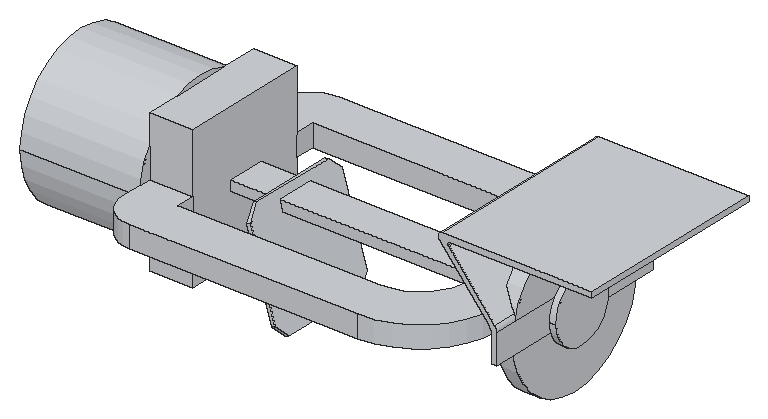
Revit family
Parameters (values of type "RASCO GFR HSW")
  Temperature Rating = 165 °F
  Response = 1
  RASCO SIN # = "R3135"
  RASCO Part # = "GFRHB"
  Pressure Rating = "175 PSI"
  Pressure Class = (empty or 0)
  Orifice Size = 1/2"
  Orifice = (empty or 0)
  Model = "GFR"
  Manufacturer = "RASCO"
  K-Factor = 8
  Description = "Bronze Finish"
  Coverage = (empty or 0)
Reference planes (in)
  plane 1 "Center (Front/Back)": y = 0
  plane 2: z = 0
  plane 3 "Center (Left/Right)": x = 0
Dimensions and locks (in)
  aligned and locked: plane 2 to level
Nested families (in)
  nested 1: "GFRHB" at (-1.69275, 0.02267, 1.71542) x (0, -1, 0) z (1, 0, 0), type "RASCO GFR HSW"
Connectors (in)
  piping at (-1.69275, 0.02267, 1.71542)
    settings: on nested 1, index 1, connector radius 0.45", flow factor 0, pipe flow 0 GPM, pressure drop 0.00 psi, fitting loss kfactor 0, connector angle 0.00°, fixture units 0, flow configuration 0, flow direction 0, fitting loss method 0, system type 7, connector reference index -1, connector utility 0, adjustable connector no, is connector primary yes, fitting loss table "", connector description ""
Definition of nested family "GFRHB"
  Parameters (values of type "RASCO GFR HSW")
    Type Comments = ""
    Temperature Rating = 0 °F
    Response = (empty or 0)
    Pressure Rating = "0"
    Pressure Class = (empty or 0)
    Orifice Size = 0"
    Orifice = (empty or 0)
    Model = ""
    Manufacturer = ""
    K-Factor = 0
    Description = ""
    Coverage = (empty or 0)
    Assembly Code = ""
  Reference planes (in)
    plane 1 "Center (Front/Back)": y = 0
    plane 2: z = 0
    plane 3 "ref.2": z = 0.6875
    plane 4 "ref.3": z = 0.9375
    plane 5: x = -0.38065
    plane 6: x = 0.36935
    plane 7 "ref. side 1": y = 0.06402
    plane 8 "ref. side 2": y = -0.06098
    plane 9 "ref.4": z = 1.875
    plane 10 "ref.5": z = 2.875
    plane 11 "center": x = -0.00574
    plane 12 "clip": through (0, 0.52703, 1.36085) normal (0, 0.2756, -0.9613)
    plane 13 "head": z = 2.83335
  Forms (in)
    Extrusion 1, solid
      sketch origin (0, 0, 0) x (1, 0, 0) y (0, 1, 0)
        loop
          circle (0, 0) r 0.438
      from 0 to 0.6875
    Extrusion 2, solid
      sketch origin (-0.12185, 0.05177, 0.6875) x (1, 0, 0) y (0, 1, 0)
        loop
          line (-0.2588, 0.356) -> (-0.2588, -0.4565) -> (0.4912, -0.4565) -> (0.4912, 0.356) -> (-0.2588, 0.356)
      from 0 to 0.25
    Extrusion 3, solid
      sketch origin (0, 0, 0) x (1, 0, 0) y (0, 0, 1)
        loop
          line (-0.49248, 0.9375) -> (-0.49248, 2.10276)
          arc (-0.49248, 2.10276) -> (-0.40724, 2.30855) -> (-0.20145, 2.39379) r 0.29103
          line (-0.20145, 2.39379) -> (0.18108, 2.39379)
          arc (0.18108, 2.39379) -> (0.38905, 2.30765) -> (0.47519, 2.09969) r 0.29411
          line (0.47519, 2.09969) -> (0.47519, 0.9375) -> (0.36935, 0.9375) -> (0.36935, 0.6875) -> (0.55741, 0.6875)
          arc (0.55741, 0.6875) -> (0.69165, 0.7431) -> (0.74725, 0.87734) r 0.18984
          line (0.74725, 0.87734) -> (0.74725, 2.19113)
          arc (0.74725, 2.19113) -> (0.61669, 2.50631) -> (0.3015, 2.63687) r 0.44574
          line (0.3015, 2.63687) -> (-0.30719, 2.63687)
          arc (-0.30719, 2.63687) -> (-0.62225, 2.50637) -> (-0.75275, 2.19131) r 0.44556
          line (-0.75275, 2.19131) -> (-0.75275, 0.87876)
          arc (-0.75275, 0.87876) -> (-0.69673, 0.74352) -> (-0.56149, 0.6875) r 0.19126
          line (-0.56149, 0.6875) -> (-0.38065, 0.6875) -> (-0.38065, 0.9375) -> (-0.49248, 0.9375)
      from -0.06402 to 0.06098
    Extrusion 4, solid
      sketch origin (-0.00199, 0, 2.4375) x (-1, 0, 0) y (0, -1, 0)
        loop
          circle (0.00574, -0.00152) r 0.1875
      from -0.04371 to 0.4375
    Extrusion 5, solid
      sketch origin (0, 0, 0.9375) x (-1, 0, 0) y (0, -1, 0)
        loop
          line (-0.10175, -0.02852) -> (0.11324, -0.02852) -> (0.11324, 0.03101) -> (-0.10175, 0.03101) -> (-0.10175, -0.02852)
      from 0 to 1.45629
    Extrusion 6, solid
      sketch origin (-0.00574, 0, 0) x (0, 0, -1) y (0, -1, 0)
        loop
          line (-2.34418, 0.08154) -> (-2.34418, -0.18975)
          arc (-2.34418, -0.18975) -> (-2.3294, -0.23392) -> (-2.29102, -0.2603) r 0.07339
          line (-2.29102, -0.2603) -> (-1.29471, -0.54599) -> (-1.27823, -0.48852) -> (-2.23088, -0.21535)
          arc (-2.23088, -0.21535) -> (-2.26901, -0.18915) -> (-2.28369, -0.14527) r 0.07291
          line (-2.28369, -0.14527) -> (-2.28369, 0.08154) -> (-2.34418, 0.08154)
      from -0.1075 to 0.1075
    Extrusion 7, solid
      sketch origin (0, -0.32053, 1.11781) x (0, 0.961262, 0.275637) y (1, 0, 0)
        loop
          line (0.84059, -0.34079) -> (0.916, -0.26539) -> (0.916, 0.24563) -> (0.84145, 0.32018) -> (0.33718, 0.32018) -> (0.26218, 0.24518) -> (0.26218, -0.26617) -> (0.3368, -0.34079) -> (0.84059, -0.34079)
      from -0.01906 to 0
    Extrusion 8, solid
      sketch origin (0, 0, 2.83335) x (-1, 0, 0) y (0, -1, 0)
        loop
          circle (0.00574, 0) r 0.443
      from 0 to -0.09217
    Extrusion 9, solid
      sketch origin (-0.00574, 0, 0) x (0, 0, -1) y (0, -1, 0)
        loop
          line (-2.83335, -0.06402) -> (-2.80133, -0.06402) -> (-2.80133, 0.09123)
          arc (-2.80133, 0.09123) -> (-2.79812, 0.10945) -> (-2.78887, 0.12547) r 0.05327
          line (-2.78887, 0.12547) -> (-2.50163, 0.46779)
          arc (-2.50163, 0.46779) -> (-2.4981, 0.49461) -> (-2.52091, 0.50914) r 0.02517
          line (-2.52091, 0.50914) -> (-3.38, 0.50914) -> (-3.38, 0.47705) -> (-2.5671, 0.47705)
          arc (-2.5671, 0.47705) -> (-2.5538, 0.46858) -> (-2.55586, 0.45295) r 0.01468
          line (-2.55586, 0.45295) -> (-2.82077, 0.13723)
          arc (-2.82077, 0.13723) -> (-2.8301, 0.12107) -> (-2.83335, 0.10269) r 0.05374
          line (-2.83335, 0.10269) -> (-2.83335, -0.06402)
      from -0.55749 to 0.56585
  Cuts and joins
    joined: Extrusion 1, Extrusion 2
